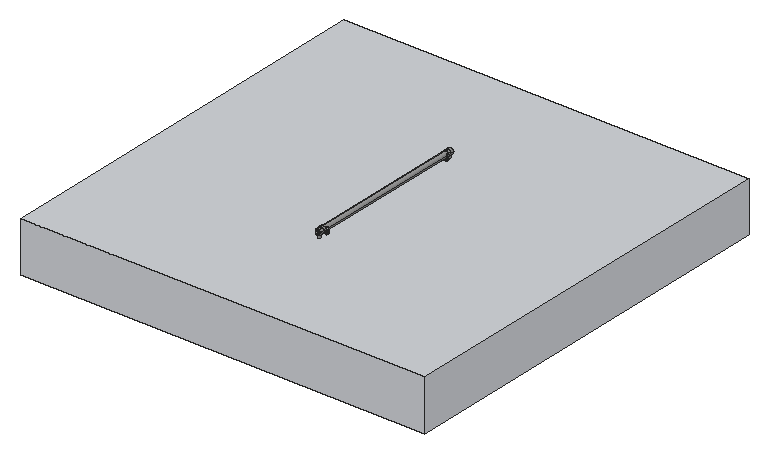
Revit family "L-line A 1.0", category Осветительные приборы, Revit 2017
Family settings
  Основа = Грань
  Размер круглого соединителя = Использовать диаметр
  Тип детали = Нормальный
  При загрузке вырезать с полостями = Нет
  Источник света = Да
  Общий = Нет
  Точка расчета площади = Нет
Parameters (values of type "L-line A 1.0 4.0K Д (матовый)")
  Расстояние от светильника до поверхности = 55.991 mm
  Описание = "Светодиодный светильник L-line A 1,0 предназначен для архитектурной подсветки зданий и сооружений различного назначения. Модули L-line A могут соединяться между собой в непрерывные линии длиной до 12 метров, что позволяет получить равномерную засветку по всей длине подключенных светильников. Соединение модулей осуществляется при помощи герметичных коннекторов."
  Lamp = ""
  Кривая сил света = "Д"
  Комментарии к типоразмеру = "Архитектурные"
  Wattage Comments = ""
  Wattage = 20.5868 W
  built-in parameter 1150110 = 1 (stored number, unit not read)
  built-in parameter 1114217 = 1 (stored number, unit not read)
  Tilt Angle = 90.00°
  built-in parameter 1150109 = 1 (stored number, unit not read)
  built-in parameter 1150134 = 12
  built-in parameter 1150113 = 1 (stored number, unit not read)
  Файл фотометрической сетки = "L-line A 1.0-29-D-4.0K-03.ies"
  built-in parameter 1150142 = "IESNA:LM-63-1995\r\n[TEST]LEDEL\r\n[DATA]28.10.2017\r\n[MANUFAC]LEDEL\r\n[LUMCAT]L-line A 1.0/29/Д/4.0K/03\r\n[LUMINAIRE]Предназначен  для  архитектурной и декоративной  подсветки\r\n[LAMPCAT]LED\r\n[LAMP]OSRAM DURIS \r\nTILT=NONE\r\n\r\n\r\n1 3058 1.1051680520419  37 19 1 2 1.0 0.042 0.043\r\n\r\n1 1 28.8\r\n\r\n 0 2.5 5 7.5 10 12.5 15 17.5 20 22.5 25 27.5 30 32.5 35 37.5 40 42.5 45 47.5\r\n 50 52.5 55 57.5 60 62.5 65 67.5 70 72.5 75 77.5 80 82.5 85 87.5 90\r\n\r\n  0 10 20 30 40 50 60 70 80 90 100 110 120 130 140 150\r\n  160 170 180\r\n\r\n  819 818 817 812 806 800 789 778 765 751 734 717 699 679 658\r\n  637 616 591 568 544 521 496 469 446 421 396 372 347 324 300\r\n  277 257 234 216 195 177 160\r\n  819 819 817 812 810 803 795 787 775 765 754 740 726 711 696\r\n  679 663 643 626 607 586 567 548 529 511 491 469 446 422 400\r\n  378 355 337 317 299 281 263\r\n  808 806 806 803 797 792 784 776 765 755 742 729 714 700 683\r\n  667 649 630 611 591 570 551 528 509 487 468 447 425 403 384\r\n  362 343 321 303 283 264 248\r\n  800 800 797 795 789 784 774 764 755 743 729 715 700 681 665\r\n  647 629 609 586 566 547 526 507 484 466 444 422 402 381 360\r\n  338 319 299 280 263 244 229\r\n  811 811 809 804 799 793 783 773 762 748 734 719 702 685 666\r\n  644 625 602 582 560 536 515 492 466 445 421 400 378 354 333\r\n  312 292 271 251 232 215 198\r\n  819 818 817 812 806 800 789 778 765 751 734 717 699 679 658\r\n  637 616 591 568 544 521 496 469 446 421 396 372 347 324 300\r\n  277 257 234 216 195 177 160\r\n  820 819 818 812 806 800 789 778 764 748 732 714 693 674 652\r\n  629 606 578 556 528 502 477 450 422 395 368 340 313 288 263\r\n  238 214 192 172 151 135 118\r\n  822 821 820 815 809 800 789 777 762 747 729 710 690 667 645\r\n  621 595 567 540 514 485 459 429 402 371 344 313 283 255 226\r\n  200 175 151 128 108 91 76\r\n  825 821 820 815 809 800 788 775 761 745 727 706 685 663 639\r\n  614 588 561 533 504 471 438 410 378 348 317 288 255 224 193\r\n  163 133 107 84 64 46 35\r\n  820 821 818 814 806 797 786 774 759 743 723 705 685 659 636\r\n  610 584 557 527 500 469 441 412 381 351 319 287 253 217 185\r\n  152 120 90 63 39 22 14\r\n  825 822 819 812 805 796 785 771 754 737 720 700 679 655 630\r\n  606 578 552 525 496 469 438 410 379 347 316 285 252 222 189\r\n  159 129 103 80 60 42 31\r\n  822 821 817 811 806 796 786 773 756 739 722 701 682 659 635\r\n  611 586 559 533 504 477 448 419 390 360 330 300 271 241 216\r\n  188 162 138 118 99 83 66\r\n  820 819 815 810 803 795 784 771 756 740 723 707 688 665 642\r\n  619 597 572 545 518 493 466 438 411 383 355 329 301 274 250\r\n  225 203 181 161 141 126 109\r\n  819 818 814 810 803 795 786 773 759 746 731 714 694 674 655\r\n  633 611 587 563 540 515 488 463 437 412 386 362 338 313 289\r\n  267 247 225 206 187 169 152\r\n  811 811 806 802 795 788 779 770 756 743 729 713 696 677 658\r\n  638 617 595 573 550 528 504 480 458 433 411 387 364 343 320\r\n  299 279 258 240 222 203 186\r\n  800 800 800 795 787 780 773 765 756 741 723 708 693 677 658\r\n  641 619 599 579 558 536 515 493 472 452 429 408 386 367 345\r\n  324 306 288 267 249 231 215\r\n  808 807 805 803 797 789 783 774 764 753 739 727 712 697 680\r\n  660 642 623 604 584 562 541 521 499 477 455 435 413 393 373\r\n  353 332 313 292 274 257 240\r\n  819 819 817 812 810 803 795 786 774 763 753 739 726 708 693\r\n  675 658 641 620 601 583 562 540 519 499 477 454 435 413 390\r\n  370 349 329 311 294 274 256\r\n  819 818 814 810 803 795 786 773 759 746 731 714 694 674 655\r\n  633 611 587 563 540 515 488 463 437 412 386 362 338 313 289\r\n  267 247 225 206 187 169 152\r\n\r\n"
  built-in parameter 1150105 = 243.35 (stored number, unit not read)
  Lumens = 3058 lm
  built-in parameter 1150115 = 1 (stored number, unit not read)
  built-in parameter 1150137 = (empty or 0)
  built-in parameter 1150139 = (empty or 0)
  built-in parameter 1150112 = 1 (stored number, unit not read)
  built-in parameter 1150114 = 1 (stored number, unit not read)
  built-in parameter 1150132 = 2
  Классификация нагрузок = Освещение
  built-in parameter 1150102 = (empty or 0)
  built-in parameter 1150107 = 4000 (stored number, unit not read)
  built-in parameter 1150138 = (empty or 0)
  built-in parameter 1150106 = 2.4335 (stored number, unit not read)
  Emit from Rectangle Width = 32 mm
  Emit from Rectangle Length = 1000 mm
  Изготовитель = "LEDEL"
  Длина профиля = Emit from Rectangle Length  # 1000 mm
  Emit Shape Visible in Rendering = no
  built-in parameter 1150104 = 13.8 (stored number, unit not read)
  Dimming Lamp Color Temperature Shift = (empty or 0)
  Default Elevation = 1219.2 mm
  Color Filter = 16777215
  built-in parameter 1114218 = 1 (stored number, unit not read)
  built-in parameter 1150133 = 10 (stored number, unit not read)
  Apparent Load = 28.8 VA  # constant formula
  Артикул = "713102900843100"
Reference planes
  plane 1 "Center (Front/Back)": y = 0
  plane 2: z = 0
  plane 3 "Center (Left/Right)": x = 0
Forms (mm)
  Extrusion 1, solid
    sketch origin (0, 0, 0) x (1, 0, 0) y (0, 1, 0)
      loop
        line (-1219.2, 1219.2) -> (-1219.2, -1219.2) -> (1219.2, -1219.2) -> (1219.2, 1219.2) -> (-1219.2, 1219.2)
    from 0 to -304.8
Dimensions and locks
  "Расстояние от светильника до поверхности": imposter light to Extrusion 1
  aligned and locked: plane 2 to Extrusion 1
  aligned and locked: level to Extrusion 1
Automatic sketch dimensions
  Extrusion 1 sketch curve to Extrusion 1 sketch curve = 2438.4 mm  (x2)
Nested families
  nested 1: "L-line A_body" at (0, 0, 0), type "L-line A_body"
    with Расстояние от светильника до плоскости 55.991 mm, Начало выдавливания -500 mm, Конец выдавливания 500 mm, Драйвер, начальная точка -497.5 mm, Драйвер, конечная точка 497.5 mm, Длина профиля 1000 mm
Connectors
  electrical at (0, 0, 0), driven by "Apparent Load"
    settings: on Extrusion 1, index 1, voltage 230 V, apparent load 0 VA, apparent load phase1 28.8 VA, apparent load phase2 0 VA, apparent load phase3 0 VA, power factor 1, load classification "Прочее", number of poles 1, system type 31, power factor state 1, is connector primary yes, connector utility no, sub classification motor no, connector description ""
Definition of nested family "L-line A_body"
  Parameters (values of type "L-line A_body")
    Расстояние от светильника до плоскости = 150 mm
    Default Elevation = 1219.2 mm
    Начало выдавливания = Длина профиля / 2 * (-1)  # -125 mm
    Конец выдавливания = Длина профиля / 2  # 125 mm
    Драйвер, начальная точка = Длина профиля / (-2) + 2.5 mm  # -122.5 mm
    Драйвер, конечная точка = Длина профиля / 2 - 2.5 mm  # 122.5 mm
    Длина профиля = 250 mm
  Reference planes
    plane 1 "По центру (Вперед/Назад)": y = 0
    plane 2: z = 0
    plane 3 "По центру (Влево/Вправо)": x = 0
    plane 4 "Плоскость расположения светильника": z = 150
  Forms (mm)
    Extrusion 1, solid
      sketch origin (0, 0, 0) x (1, 0, 0) y (0, 1, 0)
        loop
          line (-1219.2, 1219.2) -> (-1219.2, -1219.2) -> (1219.2, -1219.2) -> (1219.2, 1219.2) -> (-1219.2, 1219.2)
      from 0 to -304.8
    Extrusion 2, solid
      sketch origin (-0.012, 0, 76.46) x (0, 0, 1) y (1, 0, 0)
        loop
          line (57.295, 0) -> (57.295, 14.224) -> (55.737, 14.224) -> (55.737, -14.176) -> (57.295, -14.176) -> (57.295, 0)
      from -122.5 <- "Драйвер, начальная точка" to 122.5 <- "Драйвер, конечная точка"
    Extrusion 3, solid
      sketch origin (-0.012, 0.083, 76.46) x (-1, 0, 0) y (0, 0, -1)
        loop
          circle (0, -56.539) r 16
        loop
          circle (0, -56.539) r 15
      from -125 <- "Начало выдавливания" to 125 <- "Конец выдавливания"
    Extrusion 4, solid
      sketch origin (-0.012, -122.5, 76.46) x (0, 0, -1) y (1, 0, 0)
        loop
          circle (-56.516, 0.024) r 17.4
        loop
          circle (-56.527, 0) r 16
      from -33.5 to -17.9
    Extrusion 5, solid
      sketch origin (-0.012, 122.5, 76.46) x (0, 0, 1) y (1, 0, 0)
        loop
          circle (56.516, 0.024) r 17.4
        loop
          circle (56.527, 0) r 16
      from -33.5 to -17.9
    Extrusion 6, solid
      sketch origin (-14.187, 0, 132.196) x (0, -1, 0) y (-1, 0, 0)
        loop
          circle (-115.7, -14.176) r 6.8
        loop
          circle (115.7, -14.176) r 6.8
      from 30 to 13
    Extrusion 7, solid
      sketch origin (-0.012, 125.083, 76.46) x (1, 0, 0) y (0, 0, -1)
        loop
          line (-17.974, -30.697) -> (-17.974, -33.843)
          arc (-17.974, -33.843) -> (-18.273, -34.564) -> (-18.993, -34.863) r 1.019
          line (-18.993, -34.863) -> (-19.884, -34.863)
          arc (-19.884, -34.863) -> (-20.613, -35.165) -> (-20.916, -35.895) r 1.032
          line (-20.916, -35.895) -> (-20.916, -38.827)
          arc (-20.916, -38.827) -> (-20.612, -39.559) -> (-19.88, -39.863) r 1.036
          line (-19.88, -39.863) -> (-18.974, -39.863)
          arc (-18.974, -39.863) -> (-18.267, -40.156) -> (-17.974, -40.863) r 1
          line (-17.974, -40.863) -> (-17.974, -47.034)
          arc (-17.974, -47.034) -> (-18.248, -47.869) -> (-18.963, -48.381) r 1.413
          arc (-18.963, -48.381) -> (-19.382, -48.8) -> (-18.963, -49.22) r 0.419
          arc (-18.963, -49.22) -> (-18.248, -49.731) -> (-17.974, -50.567) r 1.413
          line (-17.974, -50.567) -> (-17.925, -55.697)
          arc (-17.925, -55.697) -> (-17.113, -59.518) -> (-15.495, -63.074) r 18
          arc (-15.495, -63.074) -> (-15.394, -63.827) -> (-15.866, -64.423) r 0.971
          arc (-15.866, -64.423) -> (-16.042, -64.842) -> (-15.778, -65.212) r 0.466
          line (-15.778, -65.212) -> (-14.225, -63.863)
          arc (-14.225, -63.863) -> (-13.66, -48.207) -> (0, -40.539) r 16
          arc (0, -40.539) -> (13.66, -48.207) -> (14.225, -63.863) r 16
          line (14.225, -63.863) -> (15.778, -65.212)
          arc (15.778, -65.212) -> (16.042, -64.842) -> (15.866, -64.423) r 0.466
          arc (15.866, -64.423) -> (15.394, -63.827) -> (15.495, -63.074) r 0.971
          arc (15.495, -63.074) -> (17.113, -59.518) -> (17.974, -55.697) r 18
          line (17.974, -55.697) -> (17.974, -50.567)
          arc (17.974, -50.567) -> (18.248, -49.731) -> (18.963, -49.22) r 1.413
          arc (18.963, -49.22) -> (19.382, -48.8) -> (18.963, -48.381) r 0.419
          arc (18.963, -48.381) -> (18.248, -47.869) -> (17.974, -47.034) r 1.413
          line (17.974, -47.034) -> (17.974, -40.863)
          arc (17.974, -40.863) -> (18.267, -40.156) -> (18.974, -39.863) r 1
          line (18.974, -39.863) -> (19.867, -39.863)
          arc (19.867, -39.863) -> (20.599, -39.559) -> (20.903, -38.827) r 1.036
          line (20.903, -38.827) -> (20.903, -35.895)
          arc (20.903, -35.895) -> (20.601, -35.165) -> (19.871, -34.863) r 1.032
          line (19.871, -34.863) -> (18.993, -34.863)
          arc (18.993, -34.863) -> (18.273, -34.564) -> (17.974, -33.843) r 1.019
          line (17.974, -33.843) -> (17.974, -30.697) -> (0, -30.697) -> (-17.974, -30.697)
      from -43.6 to -55.6
    Extrusion 8, solid
      sketch origin (-0.012, -124.917, 76.46) x (-1, 0, 0) y (0, 0, -1)
        loop
          line (17.974, -30.697) -> (0, -30.697) -> (-17.974, -30.697) -> (-17.974, -33.843)
          arc (-17.974, -33.843) -> (-18.273, -34.564) -> (-18.993, -34.863) r 1.019
          line (-18.993, -34.863) -> (-19.871, -34.863)
          arc (-19.871, -34.863) -> (-20.601, -35.165) -> (-20.903, -35.895) r 1.032
          line (-20.903, -35.895) -> (-20.903, -38.827)
          arc (-20.903, -38.827) -> (-20.599, -39.559) -> (-19.867, -39.863) r 1.036
          line (-19.867, -39.863) -> (-18.974, -39.863)
          arc (-18.974, -39.863) -> (-18.267, -40.156) -> (-17.974, -40.863) r 1
          line (-17.974, -40.863) -> (-17.974, -47.034)
          arc (-17.974, -47.034) -> (-18.248, -47.869) -> (-18.963, -48.381) r 1.413
          arc (-18.963, -48.381) -> (-19.382, -48.8) -> (-18.963, -49.22) r 0.419
          arc (-18.963, -49.22) -> (-18.248, -49.731) -> (-17.974, -50.567) r 1.413
          line (-17.974, -50.567) -> (-17.974, -55.697)
          arc (-17.974, -55.697) -> (-17.113, -59.518) -> (-15.495, -63.074) r 18
          arc (-15.495, -63.074) -> (-15.394, -63.827) -> (-15.866, -64.423) r 0.971
          arc (-15.866, -64.423) -> (-16.042, -64.842) -> (-15.778, -65.212) r 0.466
          line (-15.778, -65.212) -> (-14.225, -63.863)
          arc (-14.225, -63.863) -> (-13.66, -48.207) -> (0, -40.539) r 16
          arc (0, -40.539) -> (13.66, -48.207) -> (14.225, -63.863) r 16
          line (14.225, -63.863) -> (15.778, -65.212)
          arc (15.778, -65.212) -> (16.042, -64.842) -> (15.866, -64.423) r 0.466
          arc (15.866, -64.423) -> (15.394, -63.827) -> (15.495, -63.074) r 0.971
          arc (15.495, -63.074) -> (17.113, -59.518) -> (17.925, -55.697) r 18
          line (17.925, -55.697) -> (17.974, -50.567)
          arc (17.974, -50.567) -> (18.248, -49.731) -> (18.963, -49.22) r 1.413
          arc (18.963, -49.22) -> (19.382, -48.8) -> (18.963, -48.381) r 0.419
          arc (18.963, -48.381) -> (18.248, -47.869) -> (17.974, -47.034) r 1.413
          line (17.974, -47.034) -> (17.974, -40.863)
          arc (17.974, -40.863) -> (18.267, -40.156) -> (18.974, -39.863) r 1
          line (18.974, -39.863) -> (19.88, -39.863)
          arc (19.88, -39.863) -> (20.612, -39.559) -> (20.916, -38.827) r 1.036
          line (20.916, -38.827) -> (20.916, -35.895)
          arc (20.916, -35.895) -> (20.613, -35.165) -> (19.884, -34.863) r 1.032
          line (19.884, -34.863) -> (18.993, -34.863)
          arc (18.993, -34.863) -> (18.273, -34.564) -> (17.974, -33.843) r 1.019
          line (17.974, -33.843) -> (17.974, -30.697)
      from -43.6 to -55.6
  Cuts and joins
    joined: Extrusion 3, Extrusion 6
  Dimensions and locks
    "Расстояние от светильника до плоскости": plane 4 "Плоскость расположения светильника" to Extrusion 1
    aligned and locked: plane 2 to Extrusion 1
    aligned and locked: level to Extrusion 1
  Automatic sketch dimensions
    Extrusion 1 sketch curve to Extrusion 1 sketch curve = 2438.4 mm  (x2)
    Extrusion 3 sketch curve to plane 3 "По центру (Влево/Вправо)" = 0.012 mm
    Extrusion 3 sketch curve to plane 4 "Плоскость расположения светильника" = 17.002 mm
    Extrusion 3 sketch curve to Extrusion 3 sketch curve = 0 mm  (x2)
    Extrusion 2 sketch curve to plane 4 "Плоскость расположения светильника" = 17.804 mm
    Extrusion 2 sketch curve to Extrusion 2 sketch curve = 1.558 mm
    Extrusion 2 sketch curve to plane 3 "По центру (Влево/Вправо)" = 14.187 mm
    Extrusion 2 sketch curve to plane 3 "По центру (Влево/Вправо)" = 0.012 mm
    plane 3 "По центру (Влево/Вправо)" to Extrusion 2 sketch curve = 14.213 mm
    Extrusion 6 sketch curve to Extrusion 2 = 6.8 mm  (x2)
    Extrusion 2 to Extrusion 6 sketch curve = 14.176 mm  (x2)
    Extrusion 7 sketch curve to Extrusion 7 sketch curve = 0 mm  (x11)
    Extrusion 7 sketch curve to Extrusion 7 sketch curve = 0.016 mm
    Extrusion 7 sketch curve to Extrusion 7 sketch curve = 14.225 mm  (x2)
    Extrusion 7 sketch curve to Extrusion 7 sketch curve = 1.353 mm  (x2)
    Extrusion 7 sketch curve to Extrusion 7 sketch curve = 0.199 mm  (x2)
    Extrusion 7 sketch curve to Extrusion 7 sketch curve = 0.751 mm  (x2)
    Extrusion 7 sketch curve to Extrusion 7 sketch curve = 17.974 mm  (x2)
    Extrusion 7 sketch curve to Extrusion 7 sketch curve = 0.989 mm  (x2)
    Extrusion 7 sketch curve to Extrusion 7 sketch curve = 1 mm  (x2)
    Extrusion 7 sketch curve to Extrusion 7 sketch curve = 1.019 mm  (x2)
    Extrusion 7 sketch curve to Extrusion 7 sketch curve = 1.413 mm  (x2)
    Extrusion 7 sketch curve to Extrusion 7 sketch curve = 0.424 mm  (x2)
    Extrusion 7 sketch curve to Extrusion 7 sketch curve = 0.905 mm
    Extrusion 7 sketch curve to Extrusion 7 sketch curve = 0.89 mm
    Extrusion 7 sketch curve to Extrusion 7 sketch curve = 1.032 mm
    Extrusion 7 sketch curve to Extrusion 7 sketch curve = 0.033 mm
    Extrusion 7 sketch curve to Extrusion 7 sketch curve = 0.893 mm
    Extrusion 7 sketch curve to Extrusion 7 sketch curve = 0.878 mm
    Extrusion 7 sketch curve to Extrusion 7 sketch curve = 1.036 mm
    Extrusion 7 sketch curve to Extrusion 7 sketch curve = 0.928 mm  (x2)
    Extrusion 7 sketch curve to Extrusion 7 sketch curve = 0.422 mm  (x2)
    Extrusion 7 sketch curve to Extrusion 7 sketch curve = 1.22 mm  (x2)
    Extrusion 7 sketch curve to Extrusion 7 sketch curve = 2.652 mm
    Extrusion 7 sketch curve to Extrusion 7 sketch curve = 13.003 mm  (x2)
    Extrusion 7 sketch curve to Extrusion 7 sketch curve = 0.419 mm  (x2)
    Extrusion 7 sketch curve to Extrusion 7 sketch curve = 6.171 mm  (x2)
    Extrusion 7 sketch curve to Extrusion 7 sketch curve = 2.932 mm  (x2)
    Extrusion 7 sketch curve to Extrusion 7 sketch curve = 3.147 mm
    Extrusion 7 sketch curve to Extrusion 7 sketch curve = 0.835 mm  (x2)
    Extrusion 7 sketch curve to Extrusion 7 sketch curve = 0.049 mm  (x2)
    Extrusion 8 sketch curve to Extrusion 8 sketch curve = 0 mm  (x11)
    Extrusion 8 sketch curve to Extrusion 8 sketch curve = 0.016 mm
    Extrusion 8 sketch curve to Extrusion 8 sketch curve = 14.225 mm  (x2)
    Extrusion 8 sketch curve to Extrusion 8 sketch curve = 1.353 mm  (x2)
    Extrusion 8 sketch curve to Extrusion 8 sketch curve = 0.199 mm  (x2)
    Extrusion 8 sketch curve to Extrusion 8 sketch curve = 0.751 mm  (x2)
    Extrusion 8 sketch curve to Extrusion 8 sketch curve = 17.974 mm  (x2)
    Extrusion 8 sketch curve to Extrusion 8 sketch curve = 0.989 mm  (x2)
    Extrusion 8 sketch curve to Extrusion 8 sketch curve = 1 mm  (x2)
    Extrusion 8 sketch curve to Extrusion 8 sketch curve = 1.019 mm  (x2)
    Extrusion 8 sketch curve to Extrusion 8 sketch curve = 0.424 mm  (x2)
    Extrusion 8 sketch curve to Extrusion 8 sketch curve = 0.893 mm
    Extrusion 8 sketch curve to Extrusion 8 sketch curve = 0.878 mm
    Extrusion 8 sketch curve to Extrusion 8 sketch curve = 1.032 mm  (x2)
    Extrusion 8 sketch curve to Extrusion 8 sketch curve = 0.033 mm
    Extrusion 8 sketch curve to Extrusion 8 sketch curve = 1.413 mm  (x2)
    Extrusion 8 sketch curve to Extrusion 8 sketch curve = 0.905 mm
    Extrusion 8 sketch curve to Extrusion 8 sketch curve = 0.89 mm
    Extrusion 8 sketch curve to Extrusion 8 sketch curve = 0.928 mm  (x2)
    Extrusion 8 sketch curve to Extrusion 8 sketch curve = 0.422 mm  (x2)
    Extrusion 8 sketch curve to Extrusion 8 sketch curve = 1.22 mm  (x2)
    Extrusion 8 sketch curve to Extrusion 8 sketch curve = 2.652 mm
    Extrusion 8 sketch curve to Extrusion 8 sketch curve = 13.003 mm  (x2)
    Extrusion 8 sketch curve to Extrusion 8 sketch curve = 0.419 mm  (x2)
    Extrusion 8 sketch curve to Extrusion 8 sketch curve = 6.171 mm  (x2)
    Extrusion 8 sketch curve to Extrusion 8 sketch curve = 2.932 mm  (x2)
    Extrusion 8 sketch curve to Extrusion 8 sketch curve = 3.147 mm
    Extrusion 8 sketch curve to Extrusion 8 sketch curve = 0.835 mm  (x2)
    Extrusion 8 sketch curve to Extrusion 8 sketch curve = 0.049 mm  (x2)
    Extrusion 2 to Extrusion 4 sketch curve = 0.779 mm
    Extrusion 4 sketch curve to Extrusion 4 sketch curve = 0.011 mm
    Extrusion 2 to Extrusion 4 sketch curve = 14.176 mm
    Extrusion 4 sketch curve to Extrusion 4 sketch curve = 0.024 mm
    Extrusion 5 sketch curve to Extrusion 2 = 0.779 mm
    Extrusion 5 sketch curve to Extrusion 5 sketch curve = 0.011 mm
    Extrusion 5 sketch curve to Extrusion 2 = 14.176 mm
    Extrusion 5 sketch curve to Extrusion 5 sketch curve = 0.024 mm
    radius of Extrusion 3 sketch curve = 16 mm
    radius of Extrusion 3 sketch curve = 15 mm
    radius of Extrusion 6 sketch curve = 6.8 mm  (x2)
    radius of Extrusion 7 sketch curve to Extrusion 3 = 0 mm
    radius of Extrusion 8 sketch curve to Extrusion 3 = 0 mm
    radius of Extrusion 4 sketch curve = 17.4 mm
    radius of Extrusion 4 sketch curve = 16 mm
    radius of Extrusion 5 sketch curve = 17.4 mm
    radius of Extrusion 5 sketch curve = 16 mm
Types (6, lengths in mm): name | Wattage | built-in parameter 1150134 | Файл фотометрической сетки | built-in parameter 1150142 | built-in parameter 1150105 | Lumens | built-in parameter 1150107 | built-in parameter 1150106 | Артикул
  L-line A 1.0 3.0К Д (прозрачный) | 22.8757 W | (empty or 0) | "L-line A 1.0-29-D-3.0K-01.ies" | "IESNA:LM-63-1995\r\n[TEST]LEDEL\r\n[DATA]28.10.2017\r\n[MANUFAC]LEDEL\r\n[LUMCAT]L-line A 1/29/Д/3.0K/01 \r\n[LUMINAIRE]Предназначен  для  архитектурной и декоративной  подсветки\r\n[LAMPCAT]LED\r\n[LAMP]OSRAM DURIS \r\nTILT=NONE\r\n\r\n1 3398 1.2258297258297 37 19 1 2  1  0.042  0.043\r\n\r\n1 1 28.8\r\n\r\n 0 2.5 5 7.5 10 12.5 15 17.5 20 22.5 25 27.5 30 32.5 35 37.5 40 42.5 45 47.5 50 52.5 55 57.5 60 62.5 65 67.5 70 72.5 75 77.5 80 82.5\r\n 85 87.5 90\r\n\r\n  0 10 20 30 40 50 60 70 80 90 100 110 120 130 140 150 160 170 180\r\n\r\n   1044 1046 1045 1048 1020 972 953 982 989 981 961 952 945 925 893\r\n  843 814 794 790 789 760 696 633 589 576 550 509 435 385 349\r\n  310 259 205 156 98 63 43\r\n  1042 1000 951 944 975 1003 992 973 942 903 876 851 833 815 789\r\n  740 705 667 626 622 575 523 477 425 404 356 294 255 208 156\r\n  110 78 54 35 25 20 15\r\n  1049 1022 970 945 958 992 1003 985 964 929 893 867 841 822 803\r\n  772 725 690 650 614 604 580 518 463 406 381 335 274 236 186\r\n  132 91 62 43 28 21 15\r\n  1049 1039 996 951 941 962 992 993 973 951 914 872 844 815 795\r\n  773 743 692 658 618 570 556 527 466 419 367 340 290 234 197\r\n  148 102 69 47 31 22 18\r\n  1049 1043 1011 964 940 943 966 987 977 951 926 885 844 810 774\r\n  747 718 692 650 610 573 528 510 488 419 367 316 295 242 191\r\n  154 106 67 46 30 21 18\r\n  1049 1042 1012 971 938 926 934 949 961 957 934 903 865 815 770\r\n  740 712 687 666 646 602 553 511 466 438 418 351 285 239 199\r\n  150 112 70 43 30 21 17\r\n  1048 1047 1035 1010 975 942 917 904 906 912 917 898 861 828 806\r\n  776 732 687 651 623 592 552 516 459 411 351 312 281 212 164\r\n  131 94 65 37 26 19 15\r\n  1047 1044 1041 1030 1011 989 953 923 892 866 833 811 803 805 810\r\n  802 772 739 700 658 599 542 495 446 397 355 306 250 200 171\r\n  137 94 67 43 25 18 13\r\n  1048 1044 1040 1034 1025 1016 1001 983 960 926 879 835 799 774 745\r\n  708 674 646 615 592 569 545 518 488 435 370 302 235 187 143\r\n  120 91 58 37 21 14 13\r\n  1047 1043 1040 1033 1024 1016 1002 989 974 945 907 879 860 850 836\r\n  806 770 737 702 669 622 577 527 477 425 372 318 259 206 161\r\n  132 79 44 27 14 11 9\r\n  1048 1044 1042 1034 1025 1016 1001 984 961 927 881 836 800 774 745\r\n  709 675 647 617 592 569 546 519 489 436 372 304 236 190 144\r\n  121 92 56 38 22 14 12\r\n  1047 1045 1041 1030 1011 989 954 923 892 866 836 811 803 805 810\r\n  802 773 739 702 659 602 543 495 447 398 355 307 251 200 172\r\n  139 95 68 43 25 18 14\r\n  1048 1047 1036 1010 977 943 918 904 904 911 915 899 862 829 806\r\n  778 734 688 652 624 592 553 517 460 412 353 311 283 214 165\r\n  131 95 67 37 26 19 17\r\n  1049 1042 1014 972 938 926 934 948 961 957 934 903 867 816 772\r\n  741 712 688 666 647 604 554 513 467 437 419 354 287 240 200\r\n  151 113 71 43 30 21 17\r\n  1049 1044 1013 965 940 942 966 986 977 951 927 886 843 811 775\r\n  747 718 693 653 611 573 529 511 490 420 369 317 295 244 192\r\n  157 108 69 46 30 21 18\r\n  1049 1040 998 952 942 961 992 994 973 952 914 873 845 816 797\r\n  774 743 693 659 620 570 556 529 467 421 369 340 292 236 199\r\n  151 103 71 47 31 22 18\r\n  1049 1023 973 945 958 991 1004 985 965 930 893 868 841 823 803\r\n  773 726 691 652 615 606 581 519 465 407 382 335 275 239 187\r\n  134 92 63 43 28 21 17\r\n  1042 1002 952 944 974 1003 992 973 942 903 877 852 833 815 789\r\n  741 707 668 629 622 577 524 478 425 404 358 294 256 209 158\r\n  110 78 54 36 25 20 15\r\n  1044 1045 1045 1048 1020 974 953 982 989 981 961 953 945 926 893\r\n  843 814 795 790 789 760 696 633 587 576 549 509 433 385 350\r\n  310 258 205 156 98 62 43\r\n\r" | 270.4 (stored number, unit not read) | 3398 lm | 3000 (stored number, unit not read) | 2.704 (stored number, unit not read) | "800033"
  L-line A 1.0 4.0К Д (прозрачный) | 22.8757 W | 12 | "L-line A 1.0-29-D-4.0K-01.ies" | "IESNA:LM-63-1995\r\n[TEST]LEDEL\r\n[DATA]28.10.2017\r\n[MANUFAC]LEDEL\r\n[LUMCAT]L-line A 1/29/Д/4.0K/01 \r\n[LUMINAIRE]Предназначен  для  архитектурной и декоративной  подсветки\r\n[LAMPCAT]LED\r\n[LAMP]OSRAM DURIS \r\nTILT=NONE\r\n\r\n1 3398 1.2258297258297 37 19 1 2  1  0.042  0.043\r\n\r\n1 1 28.8\r\n\r\n 0 2.5 5 7.5 10 12.5 15 17.5 20 22.5 25 27.5 30 32.5 35 37.5 40 42.5 45 47.5 50 52.5 55 57.5 60 62.5 65 67.5 70 72.5 75 77.5 80 82.5\r\n 85 87.5 90\r\n\r\n  0 10 20 30 40 50 60 70 80 90 100 110 120 130 140 150 160 170 180\r\n\r\n   1044 1046 1045 1048 1020 972 953 982 989 981 961 952 945 925 893\r\n  843 814 794 790 789 760 696 633 589 576 550 509 435 385 349\r\n  310 259 205 156 98 63 43\r\n  1042 1000 951 944 975 1003 992 973 942 903 876 851 833 815 789\r\n  740 705 667 626 622 575 523 477 425 404 356 294 255 208 156\r\n  110 78 54 35 25 20 15\r\n  1049 1022 970 945 958 992 1003 985 964 929 893 867 841 822 803\r\n  772 725 690 650 614 604 580 518 463 406 381 335 274 236 186\r\n  132 91 62 43 28 21 15\r\n  1049 1039 996 951 941 962 992 993 973 951 914 872 844 815 795\r\n  773 743 692 658 618 570 556 527 466 419 367 340 290 234 197\r\n  148 102 69 47 31 22 18\r\n  1049 1043 1011 964 940 943 966 987 977 951 926 885 844 810 774\r\n  747 718 692 650 610 573 528 510 488 419 367 316 295 242 191\r\n  154 106 67 46 30 21 18\r\n  1049 1042 1012 971 938 926 934 949 961 957 934 903 865 815 770\r\n  740 712 687 666 646 602 553 511 466 438 418 351 285 239 199\r\n  150 112 70 43 30 21 17\r\n  1048 1047 1035 1010 975 942 917 904 906 912 917 898 861 828 806\r\n  776 732 687 651 623 592 552 516 459 411 351 312 281 212 164\r\n  131 94 65 37 26 19 15\r\n  1047 1044 1041 1030 1011 989 953 923 892 866 833 811 803 805 810\r\n  802 772 739 700 658 599 542 495 446 397 355 306 250 200 171\r\n  137 94 67 43 25 18 13\r\n  1048 1044 1040 1034 1025 1016 1001 983 960 926 879 835 799 774 745\r\n  708 674 646 615 592 569 545 518 488 435 370 302 235 187 143\r\n  120 91 58 37 21 14 13\r\n  1047 1043 1040 1033 1024 1016 1002 989 974 945 907 879 860 850 836\r\n  806 770 737 702 669 622 577 527 477 425 372 318 259 206 161\r\n  132 79 44 27 14 11 9\r\n  1048 1044 1042 1034 1025 1016 1001 984 961 927 881 836 800 774 745\r\n  709 675 647 617 592 569 546 519 489 436 372 304 236 190 144\r\n  121 92 56 38 22 14 12\r\n  1047 1045 1041 1030 1011 989 954 923 892 866 836 811 803 805 810\r\n  802 773 739 702 659 602 543 495 447 398 355 307 251 200 172\r\n  139 95 68 43 25 18 14\r\n  1048 1047 1036 1010 977 943 918 904 904 911 915 899 862 829 806\r\n  778 734 688 652 624 592 553 517 460 412 353 311 283 214 165\r\n  131 95 67 37 26 19 17\r\n  1049 1042 1014 972 938 926 934 948 961 957 934 903 867 816 772\r\n  741 712 688 666 647 604 554 513 467 437 419 354 287 240 200\r\n  151 113 71 43 30 21 17\r\n  1049 1044 1013 965 940 942 966 986 977 951 927 886 843 811 775\r\n  747 718 693 653 611 573 529 511 490 420 369 317 295 244 192\r\n  157 108 69 46 30 21 18\r\n  1049 1040 998 952 942 961 992 994 973 952 914 873 845 816 797\r\n  774 743 693 659 620 570 556 529 467 421 369 340 292 236 199\r\n  151 103 71 47 31 22 18\r\n  1049 1023 973 945 958 991 1004 985 965 930 893 868 841 823 803\r\n  773 726 691 652 615 606 581 519 465 407 382 335 275 239 187\r\n  134 92 63 43 28 21 17\r\n  1042 1002 952 944 974 1003 992 973 942 903 877 852 833 815 789\r\n  741 707 668 629 622 577 524 478 425 404 358 294 256 209 158\r\n  110 78 54 36 25 20 15\r\n  1044 1045 1045 1048 1020 974 953 982 989 981 961 953 945 926 893\r\n  843 814 795 790 789 760 696 633 587 576 549 509 433 385 350\r\n  310 258 205 156 98 62 43\r\n\r" | 270.4 (stored number, unit not read) | 3398 lm | 4000 (stored number, unit not read) | 2.704 (stored number, unit not read) | "800032"
  L-line A 1.0 5.0К Д (прозрачный) | 22.8757 W | 2 | "L-line A 1.0-29-D-5.0K-01.ies" | "IESNA:LM-63-1995\r\n[TEST]LEDEL\r\n[DATA]28.10.2017\r\n[MANUFAC]LEDEL\r\n[LUMCAT]L-line A 1/29/Д/5.0K/01 \r\n[LUMINAIRE]Предназначен  для  архитектурной и декоративной  подсветки\r\n[LAMPCAT]LED\r\n[LAMP]OSRAM DURIS \r\nTILT=NONE\r\n\r\n1 3398 1.2258297258297 37 19 1 2  1  0.042  0.043\r\n\r\n1 1 28.8\r\n\r\n 0 2.5 5 7.5 10 12.5 15 17.5 20 22.5 25 27.5 30 32.5 35 37.5 40 42.5 45 47.5 50 52.5 55 57.5 60 62.5 65 67.5 70 72.5 75 77.5 80 82.5\r\n 85 87.5 90\r\n\r\n  0 10 20 30 40 50 60 70 80 90 100 110 120 130 140 150 160 170 180\r\n\r\n   1044 1046 1045 1048 1020 972 953 982 989 981 961 952 945 925 893\r\n  843 814 794 790 789 760 696 633 589 576 550 509 435 385 349\r\n  310 259 205 156 98 63 43\r\n  1042 1000 951 944 975 1003 992 973 942 903 876 851 833 815 789\r\n  740 705 667 626 622 575 523 477 425 404 356 294 255 208 156\r\n  110 78 54 35 25 20 15\r\n  1049 1022 970 945 958 992 1003 985 964 929 893 867 841 822 803\r\n  772 725 690 650 614 604 580 518 463 406 381 335 274 236 186\r\n  132 91 62 43 28 21 15\r\n  1049 1039 996 951 941 962 992 993 973 951 914 872 844 815 795\r\n  773 743 692 658 618 570 556 527 466 419 367 340 290 234 197\r\n  148 102 69 47 31 22 18\r\n  1049 1043 1011 964 940 943 966 987 977 951 926 885 844 810 774\r\n  747 718 692 650 610 573 528 510 488 419 367 316 295 242 191\r\n  154 106 67 46 30 21 18\r\n  1049 1042 1012 971 938 926 934 949 961 957 934 903 865 815 770\r\n  740 712 687 666 646 602 553 511 466 438 418 351 285 239 199\r\n  150 112 70 43 30 21 17\r\n  1048 1047 1035 1010 975 942 917 904 906 912 917 898 861 828 806\r\n  776 732 687 651 623 592 552 516 459 411 351 312 281 212 164\r\n  131 94 65 37 26 19 15\r\n  1047 1044 1041 1030 1011 989 953 923 892 866 833 811 803 805 810\r\n  802 772 739 700 658 599 542 495 446 397 355 306 250 200 171\r\n  137 94 67 43 25 18 13\r\n  1048 1044 1040 1034 1025 1016 1001 983 960 926 879 835 799 774 745\r\n  708 674 646 615 592 569 545 518 488 435 370 302 235 187 143\r\n  120 91 58 37 21 14 13\r\n  1047 1043 1040 1033 1024 1016 1002 989 974 945 907 879 860 850 836\r\n  806 770 737 702 669 622 577 527 477 425 372 318 259 206 161\r\n  132 79 44 27 14 11 9\r\n  1048 1044 1042 1034 1025 1016 1001 984 961 927 881 836 800 774 745\r\n  709 675 647 617 592 569 546 519 489 436 372 304 236 190 144\r\n  121 92 56 38 22 14 12\r\n  1047 1045 1041 1030 1011 989 954 923 892 866 836 811 803 805 810\r\n  802 773 739 702 659 602 543 495 447 398 355 307 251 200 172\r\n  139 95 68 43 25 18 14\r\n  1048 1047 1036 1010 977 943 918 904 904 911 915 899 862 829 806\r\n  778 734 688 652 624 592 553 517 460 412 353 311 283 214 165\r\n  131 95 67 37 26 19 17\r\n  1049 1042 1014 972 938 926 934 948 961 957 934 903 867 816 772\r\n  741 712 688 666 647 604 554 513 467 437 419 354 287 240 200\r\n  151 113 71 43 30 21 17\r\n  1049 1044 1013 965 940 942 966 986 977 951 927 886 843 811 775\r\n  747 718 693 653 611 573 529 511 490 420 369 317 295 244 192\r\n  157 108 69 46 30 21 18\r\n  1049 1040 998 952 942 961 992 994 973 952 914 873 845 816 797\r\n  774 743 693 659 620 570 556 529 467 421 369 340 292 236 199\r\n  151 103 71 47 31 22 18\r\n  1049 1023 973 945 958 991 1004 985 965 930 893 868 841 823 803\r\n  773 726 691 652 615 606 581 519 465 407 382 335 275 239 187\r\n  134 92 63 43 28 21 17\r\n  1042 1002 952 944 974 1003 992 973 942 903 877 852 833 815 789\r\n  741 707 668 629 622 577 524 478 425 404 358 294 256 209 158\r\n  110 78 54 36 25 20 15\r\n  1044 1045 1045 1048 1020 974 953 982 989 981 961 953 945 926 893\r\n  843 814 795 790 789 760 696 633 587 576 549 509 433 385 350\r\n  310 258 205 156 98 62 43\r\n\r" | 270.4 (stored number, unit not read) | 3398 lm | 5000 (stored number, unit not read) | 2.704 (stored number, unit not read) | "800031"
